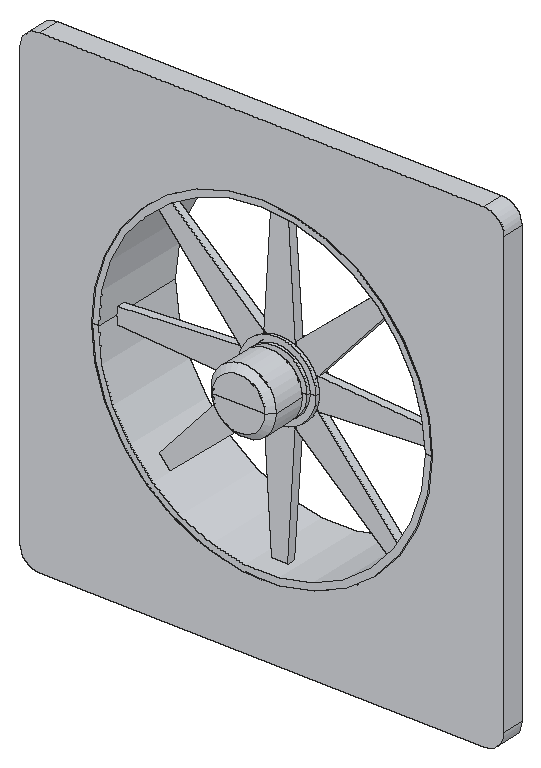
Revit family "CADS_Vent-Axia_MechEquip_Fan_VSP_SabreSicklePlate_1Ph4P - EXTRACT", category Mechanical Equipment, Revit 2020
Family settings
  Round Connector Dimension = Use Diameter
  Part Type = Normal
  OmniClass Number = 23.75.00.00
  OmniClass Title = Climate Control (HVAC)
  Work Plane-Based = No
  Always vertical = Yes
  Cut with Voids When Loaded = No
  Shared = No
  Room Calculation Point = No
Parameters (values of type "VSP25014A")
  WorkingPressure = 0.0 Pa
  WarrantyStartDate [instance] = "1900-12-31T23:59:59"
  WarrantyPeriod = ""
  WarrantyIdentifier = "N/A"
  WarrantyGuarantorParts = "tech@vent-axia.com"
  WarrantyGuarantorLabor = "tech@vent-axia.com"
  WarrantyGuarantor = "Vent-Axia Limited"
  WarrantyEndDate [instance] = "1900-12-31T23:59:59"
  WarrantyContent = ""
  TemperatureRange = ""
  TagNumber [instance] = "N/A"
  SustainabilityPerformance = ""
  Status = "New"
  Size = ""
  Shape = ""
  ServiceLifeType = ""
  ServiceLifeDuration = ""
  SerialNumber [instance] = "N/A"
  ReplacementCost = ""
  RatedVoltage = 0 V
  RatedCurrent = 0 A
  Quantity = 1
  ProductionYear = ""
  PressureCurve = ""
  PowerFactor = ""
  PointOfContact = ""
  NumberOfPoles = 0
  NominalWidth = 370 mm
  NominalLength = 73.4 mm
  NominalHeight = 250 mm
  NominalFrequencyRange = ""
  NominalDiameter = 250 mm
  ModelReference = "OWLET SICKLE PLATE FAN 250 DIA 1PH 4 POLE"
  ModelNumber = "VSP25014A"
  Material = ""
  ManufacturerE-Mail = "tech@vent-axia.com"
  ManufacturerAddress = "Fleming Way\nCrawley \nRH10 9YX"
  IsExtendedWarranty = no
  InsulationStandardClass = ""
  InstallationDate [instance] = "1900-12-31T23:59:59"
  IfcExportType [instance] = ""
  IfcExportAs = "IfcFanType"
  IP_Code = ""
  HasProtectiveEarth = no
  GrossWeight = 0.00 kg
  Grade = ""
  GlobalTradeItemNumber [instance] = "N/A"
  G = 17 mm
  Fitting Type = "Ignore"
  Finish = ""
  Features = ""
  ExteriorInsulation = no
  ExpectedServiceLife = 0
  Exclusions = ""
  E = 34 mm
  DurationUnit = "Year"
  Default Elevation = 0 mm
  Constituents = ""
  ConductorFunction = ""
  Color = ""
  CodePerformance = ""
  Category = ""
  CADS_Usage = 0
  CADS_Index = 0
  AssetType = "FIXED"
  AssetIdentifier [instance] = "N/A"
  AssemblyPlace = "UNKNOWN"
  ArticleNumber [instance] = "N/A"
  AirflowRateRange = 0.0 L/s
  Air Flow [instance] = 0.0 L/s
  AccessibilityPerformance = ""
  A = NominalWidth  # 370 mm
Types (8, lengths in mm): name | NominalWidth | NominalLength | NominalHeight | NominalDiameter | ModelReference | ModelNumber | A
  VSP25014A | 370 | 73.4 | 250 | 250 | "OWLET SICKLE PLATE FAN 250 DIA 1PH 4 POLE" | "VSP25014A" | 370
  VSP31514B | 430 | 83.9 | 315 | 315 | "315MM 1PH 4P SICKLE FAN FN031-4EQ.WD.A7 (169504)" | "VSP31514B" | 430
  VSP35514B | 485 | 82.9 | 355 | 355 | "355MM 1PH 4P SICKLE FAN FN035-4EQ.WD.A7 (169505)" | "VSP35514B" | 485
  VSP40014A | 549 | 91.5 | 400 | 400 | "OWLET SICKLE PLATE FAN 400DIA 1PH 4 POLE" | "VSP40014A" | 549
  VSP45014B | 575 | 143.5 | 450 | 450 | "450MM 1PH 4P SICKLE FAN FN045-4EQ.4I.A7P1 169508" | "VSP45014B" | 575
  VSP50014B | 655 | 141.5 | 500 | 500 | "500MM 1PH 4P SICKLE FAN FN050-4EQ.4I.A7P1 169510" | "VSP50014B" | 655
  VSP56014B | 725 | 167.5 | 560 | 560 | "560MM 1PH 4P SICKLE FAN FN056-4EQ.6K.A7P3 169513" | "VSP56014B" | 725
  VSP63014B | 725 | 159.5 | 630 | 630 | "630MM 1PH 4P SICKLE FAN FN063-4EQ.6N.A7P6 169517" | "VSP63014B" | 725
Reference planes
  plane 1 "Center (Front/Back)": y = 0
  plane 2: z = 0
  plane 3 "Center (Left/Right)": x = 0
  plane 4: x = -125
  plane 5: x = 125
  plane 6 "F": y = -17
  plane 7 "B": y = 56.4
  plane 8: x = -185
  plane 9: x = -130
  plane 10 "top": z = 125
  plane 11: z = -125
  plane 12: x = 185
  plane 13: z = 185
  plane 14: z = -185
Forms (mm)
  Revolve 1, solid
    sketch origin (0, 0, 0) x (1, 0, 0) y (0, 1, 0)
      loop
        line (-130, -17) -> (-125, -17) -> (-125, 56.4) -> (-130, 56.4) -> (-130, -17)
      axis (0, 56.4) -> (0, -17)
    angle from 0 to 360
  Extrusion 2, solid
    sketch origin (0, 0, 0) x (1, 0, 0) y (0, 0, 1)
      loop
        arc (-170, 185) -> (-180.607, 180.607) -> (-185, 170) r 15
        line (-185, 170) -> (-185, -170)
        arc (-185, -170) -> (-180.607, -180.607) -> (-170, -185) r 15
        line (-170, -185) -> (170, -185)
        arc (170, -185) -> (180.607, -180.607) -> (185, -170) r 15
        line (185, -170) -> (185, 170)
        arc (185, 170) -> (180.607, 180.607) -> (170, 185) r 15
        line (170, 185) -> (-170, 185)
      loop
        circle (0, 0) r 130
    from 0 to 17 <- "G"
Dimensions and locks
  equal spacing: plane 4, plane 3 "Center (Left/Right)", plane 5
  "NominalLength": plane 7 "B" to plane 6 "F"
  "NominalDiameter": plane 4 to plane 5
  locked: plane 9 to plane 4 at 5
  equal spacing: plane 10 "top", level, plane 11
  "NominalDiameter": plane 10 "top" to plane 11
  equal spacing: plane 12, plane 3 "Center (Left/Right)", plane 8
  "A": plane 12 to plane 8
  equal spacing: plane 13, level, plane 14
  "A": plane 13 to plane 14
  "G": plane 6 "F" to plane 1 "Center (Front/Back)"
  aligned and locked: level to plane 2
  aligned and locked: Extrusion 2 sketch curve to Revolve 1  (x2)
Automatic sketch dimensions
  plane 6 "F" to Revolve 1 sketch curve = 0 mm
  Revolve 1 sketch curve to plane 4 = 0 mm
  Revolve 1 sketch curve to plane 3 "Center (Left/Right)" = 0 mm
  plane 1 "Center (Front/Back)" to Revolve 1 sketch curve = 0 mm
  Revolve 1 sketch curve to plane 7 "B" = 0 mm
  plane 6 "F" to Revolve 1 sketch curve = 115 mm
  Revolve 1 sketch curve to plane 9 = 0 mm
  Extrusion 2 sketch curve to plane 8 = 0 mm
  Extrusion 2 sketch curve to plane 13 = 0 mm
  Extrusion 2 sketch curve to plane 14 = 0 mm
  plane 12 to Extrusion 2 sketch curve = 0 mm
  plane 8 to Extrusion 2 sketch curve = 15 mm  (x2)
  plane 12 to Extrusion 2 sketch curve = 15 mm  (x2)
Nested families
  nested 1: "Fan for ESP" at (0, 0, 0), ND <- "NominalDiameter", BE <- "E", type "Fan for ESP"
    with hub 25 mm, ND 250 mm, BoltPCD 20 mm, Bolt Count 6, B_Diam 5 mm, BE 34 mm
  nested 2: "ESC Blade" at (0, 0, 0), type "ESC Blade"
    with a 20.00°, HR 25 mm, HD 50 mm, BT 12.5 mm, BR 100 mm, BH 40 mm, BD 250 mm, BB 25 mm
  nested 3: "ESC Blade" at (0, 0, 0) x (0.7071, 0, -0.7071) z (0.7071, 0, 0.7071), type "ESC Blade"
    with a 20.00°, HR 25 mm, HD 50 mm, BT 12.5 mm, BR 100 mm, BH 40 mm, BD 250 mm, BB 25 mm
  nested 4: "ESC Blade" at (0, 0, 0) x (0, 0, -1) z (1, 0, 0), type "ESC Blade"
    with a 20.00°, HR 25 mm, HD 50 mm, BT 12.5 mm, BR 100 mm, BH 40 mm, BD 250 mm, BB 25 mm
  nested 5: "ESC Blade" at (0, 0, 0) x (-0.7071, 0, -0.7071) z (0.7071, 0, -0.7071), type "ESC Blade"
    with a 20.00°, HR 25 mm, HD 50 mm, BT 12.5 mm, BR 100 mm, BH 40 mm, BD 250 mm, BB 25 mm
  nested 6: "ESC Blade" at (0, 0, 0) x (-1, 0, 0) z (0, 0, -1), type "ESC Blade"
    with a 20.00°, HR 25 mm, HD 50 mm, BT 12.5 mm, BR 100 mm, BH 40 mm, BD 250 mm, BB 25 mm
  nested 7: "ESC Blade" at (0, 0, 0) x (-0.7071, 0, -0.7071) z (-0.7071, 0, 0.7071), type "ESC Blade"
    with a 20.00°, HR 25 mm, HD 50 mm, BT 12.5 mm, BR 100 mm, BH 40 mm, BD 250 mm, BB 25 mm
  nested 8: "ESC Blade" at (0, 0, 0) x (0, 0, -1) z (-1, 0, 0), type "ESC Blade"
    with a 20.00°, HR 25 mm, HD 50 mm, BT 12.5 mm, BR 100 mm, BH 40 mm, BD 250 mm, BB 25 mm
  nested 9: "ESC Blade" at (0, 0, 0) x (0.7071, 0, -0.7071) z (-0.7071, 0, -0.7071), type "ESC Blade"
    with a 20.00°, HR 25 mm, HD 50 mm, BT 12.5 mm, BR 100 mm, BH 40 mm, BD 250 mm, BB 25 mm
Connectors
  hvac at (0, -17, 0), driven by "NominalDiameter", driven by "Air Flow"
    settings: on Revolve 1, index 1, duct flow 0.0 L/s, flow factor 0, pres drop 0.0 Pa, loss coef 0, conn angle 0.00°, conn width 304.8 mm, conn height 304.8 mm, conn diameter 250 mm, duct sys type 2, conn prof type 0, flow config 0, flow direction 1, loss method 0, conn ref index -1, conn util no, is conn primary yes, conn desc ""
  hvac at (0, 56.4, 0), driven by "NominalDiameter", driven by "Air Flow"
    settings: on Revolve 1, index 2, duct flow 0.0 L/s, flow factor 0, pres drop 0.0 Pa, loss coef 0, conn angle 0.00°, conn width 304.8 mm, conn height 304.8 mm, conn diameter 250 mm, duct sys type 3, conn prof type 0, flow config 1, flow direction 2, loss method 0, conn ref index -1, conn util no, is conn primary no, conn desc ""
Definition of nested family "Fan for ESP"
  Parameters (values of type "Fan for ESP")
    hub [instance] = ND / 10  # 25.1 mm
    ND [instance] = 251 mm
    Model = "."
    Default Elevation = 0 mm
    BoltPCD [instance] = hub - (hub * 0.2)  # 20.08 mm
    Bolt Count [instance] = if(hub < 50 mm, 6, 8)  # 6
    B_Diam [instance] = if(hub < 50 mm, 5 mm, 10 mm)  # 5 mm
    BE [instance] = 84 mm
  Reference planes
    plane 1 "Center (Front/Back)": y = 0
    plane 2: z = 0
    plane 3 "Center (Left/Right)": x = 0
    plane 4 "back": y = 20
    plane 5 "boss": y = -89
    plane 6 "B": z = 25.1
    plane 7: x = -30.1
    plane 8: x = -25.1
    plane 9 "hubface": y = -5
    plane 10: x = -20.1
    plane 11: y = -84
  Forms (mm)
    Revolve 1, solid
      sketch origin (0, 0, 0) x (1, 0, 0) y (0, 1, 0)
        loop
          line (0, -5) -> (0, 10.504) -> (-30.1, 10.504) -> (-30.1, -2.597) -> (-25.1, -2.597) -> (-25.1, -5) -> (0, -5)
        axis (0, 10.504) -> (0, -5)
      angle from 0 to 360
    Extrusion 2, solid, not visible
      sketch origin (0, -6.347, -4) x (-1, 0, 0) y (0, 0, 1)
        loop
          circle (0, 84) r 5
      from 0 to 3
    Revolve 3, solid
      sketch origin (0, 0, 0) x (1, 0, 0) y (0, 1, 0)
        loop
          line (-20.1, -5) -> (-25.1, -10) -> (-25.1, -84) -> (-20.1, -89) -> (0, -89) -> (0, -5) -> (-20.1, -5)
        axis (0, -5) -> (0, -89)
      angle from 0 to 360
  Lines and regions (mm)
    symbolic lines
      curve 1: circle (0, -89, 0) r 20.08 normal (0, 1, 0)
    model lines, not visible
      curve 2: line (0, -6.347, 85) -> (0, -6.347, 75)
  Dimensions and locks
    "hub": plane 6 "B" to plane 2
    "hub": nested 3 to plane 3 "Center (Left/Right)"
    "hub": nested 4 to plane 3 "Center (Left/Right)"
    "hub": nested 5 to plane 3 "Center (Left/Right)"
    "hub": plane 3 "Center (Left/Right)" to nested 6
    "hub": plane 3 "Center (Left/Right)" to nested 7
    "hub": plane 3 "Center (Left/Right)" to nested 8
    "hub": plane 3 "Center (Left/Right)" to nested 9
    "hub": plane 8 to plane 3 "Center (Left/Right)"
    plane 7 to plane 8 = 5 mm
    "BE": plane 5 "boss" to plane 9 "hubface"
    locked: plane 11 to plane 5 "boss" at 5
    plane 8 to plane 10 = 5 mm
    locked: plane 9 "hubface" to plane 1 "Center (Front/Back)" at 5
    diameter of Extrusion 2 sketch curve = 10 mm
    "BoltPCD": radius of curve 1
    aligned and locked: level to plane 2
    aligned and locked: plane 6 "B" to nested 1
  Automatic sketch dimensions
    Revolve 1 sketch curve to plane 7 = 0 mm
    Revolve 1 sketch curve to plane 8 = 0 mm
    Revolve 1 sketch curve to plane 3 "Center (Left/Right)" = 0 mm  (x2)
    Revolve 1 sketch curve to plane 9 "hubface" = 0 mm
    plane 1 "Center (Front/Back)" to Revolve 1 sketch curve = 2.597 mm
    plane 4 "back" to Revolve 1 sketch curve = 5 mm
    plane 4 "back" to Revolve 1 sketch curve = 9.496 mm
    Revolve 1 sketch curve to Revolve 1 sketch curve = 54.496 mm
    Revolve 3 sketch curve to plane 8 = 0 mm
    Revolve 3 sketch curve to plane 5 "boss" = 0 mm
    Revolve 3 sketch curve to plane 10 = 0 mm  (x2)
    Revolve 3 sketch curve to plane 9 "hubface" = 0 mm
    Revolve 3 sketch curve to plane 3 "Center (Left/Right)" = 0 mm  (x2)
    Revolve 3 sketch curve to plane 11 = 0 mm
    Revolve 3 sketch curve to plane 9 "hubface" = 5 mm
    plane 4 "back" to Revolve 3 sketch curve = 4.08 mm
    Revolve 3 sketch curve to plane 4 "back" = 3.828 mm
    curve 1 to level = 0 mm
    curve 1 to plane 3 "Center (Left/Right)" = 0 mm
  Nested families
    nested 1: "ESC Blade" at (0, 0, 0), BD <- "ND", HD <- "hub", type "ESC Blade"
      with a 20.00°, HR 25.1 mm, HD 50.2 mm, BT 12.55 mm, BR 100.4 mm, BH 40 mm, BD 251 mm, BB 25.1 mm
    nested 2: "ESC Blade" at (0, 0, 755), BD <- "ND", HD <- "hub", type "ESC Blade", not visible
      with a 20.00°, HR 25.1 mm, HD 50.2 mm, BT 12.55 mm, BR 100.4 mm, BH 40 mm, BD 251 mm, BB 25.1 mm
    nested 3: "ESC Blade" at (0, 0, 0) x (0.7071, 0, -0.7071) z (0.7071, 0, 0.7071), BD <- "ND", HD <- "hub", type "ESC Blade"
      with a 20.00°, HR 25.1 mm, HD 50.2 mm, BT 12.55 mm, BR 100.4 mm, BH 40 mm, BD 251 mm, BB 25.1 mm
    nested 4: "ESC Blade" at (0, 0, 0) x (0, 0, -1) z (1, 0, 0), BD <- "ND", HD <- "hub", type "ESC Blade"
      with a 20.00°, HR 25.1 mm, HD 50.2 mm, BT 12.55 mm, BR 100.4 mm, BH 40 mm, BD 251 mm, BB 25.1 mm
    nested 5: "ESC Blade" at (0, 0, 0) x (-0.7071, 0, -0.7071) z (0.7071, 0, -0.7071), BD <- "ND", HD <- "hub", type "ESC Blade"
      with a 20.00°, HR 25.1 mm, HD 50.2 mm, BT 12.55 mm, BR 100.4 mm, BH 40 mm, BD 251 mm, BB 25.1 mm
    nested 6: "ESC Blade" at (0, 0, 0) x (-1, 0, 0) z (0, 0, -1), BD <- "ND", HD <- "hub", type "ESC Blade"
      with a 20.00°, HR 25.1 mm, HD 50.2 mm, BT 12.55 mm, BR 100.4 mm, BH 40 mm, BD 251 mm, BB 25.1 mm
    nested 7: "ESC Blade" at (0, 0, 0) x (-0.7071, 0, -0.7071) z (-0.7071, 0, 0.7071), BD <- "ND", HD <- "hub", type "ESC Blade"
      with a 20.00°, HR 25.1 mm, HD 50.2 mm, BT 12.55 mm, BR 100.4 mm, BH 40 mm, BD 251 mm, BB 25.1 mm
    nested 8: "ESC Blade" at (0, 0, 0) x (0, 0, -1) z (-1, 0, 0), BD <- "ND", HD <- "hub", type "ESC Blade"
      with a 20.00°, HR 25.1 mm, HD 50.2 mm, BT 12.55 mm, BR 100.4 mm, BH 40 mm, BD 251 mm, BB 25.1 mm
    nested 9: "ESC Blade" at (0, 0, 0) x (0.7071, 0, -0.7071) z (-0.7071, 0, -0.7071), BD <- "ND", HD <- "hub", type "ESC Blade"
      with a 20.00°, HR 25.1 mm, HD 50.2 mm, BT 12.55 mm, BR 100.4 mm, BH 40 mm, BD 251 mm, BB 25.1 mm
  Definition of nested family "ESC Blade"
    Parameters (values of type "ESC Blade")
      a [instance] = 20.00°
      HR [instance] = HD / 2  # 30 mm
      HD [instance] = BD / 5  # 60 mm
      Default Elevation = 1219.2 mm
      BT [instance] = BD / 20  # 15 mm
      BR [instance] = (BD / 2) - HR  # 120 mm
      BH [instance] = 40 mm
      BD [instance] = 300 mm
      BB [instance] = BD / 10  # 30 mm
    Reference planes
      plane 1 "Center (Front/Back)": y = 0
      plane 2: z = 0
      plane 3 "Center (Left/Right)": x = 0
      plane 4 "Blade Bot": z = 30
      plane 5: x = -15
      plane 6: x = 15
      plane 7: x = -7.5
      plane 8: x = 7.5
    Forms (mm)
      Blend 1, solid
        base sketch origin (0, 0, 30) x (-1, 0, 0) y (0, -1, 0)
          loop
            line (15, 0) -> (-15, 0) -> (-15, -6) -> (15, -6) -> (15, 0)
        top sketch origin (0, 0, 30) x (-1, 0, 0) y (0, -1, 0)
          loop
            line (7.5, -6) -> (7.5, 0) -> (-7.5, 0) -> (-7.5, -6) -> (7.5, -6)
        from 0 to 120 <- "BR"
    Dimensions and locks
      "HR": plane 4 "Blade Bot" to level
      equal spacing: plane 8, plane 3 "Center (Left/Right)", plane 7
      "BT": plane 8 to plane 7
      equal spacing: plane 6, plane 3 "Center (Left/Right)", plane 5
      "BB": plane 6 to plane 5
      aligned and locked: level to plane 2
    Automatic sketch dimensions
      plane 1 "Center (Front/Back)" to Blend 1 sketch curve = 0 mm  (x2)
      Blend 1 sketch curve to plane 6 = 0 mm
      Blend 1 sketch curve to plane 5 = 0 mm
      Blend 1 sketch curve to plane 1 "Center (Front/Back)" = 6 mm  (x2)
      Blend 1 sketch curve to plane 8 = 0 mm
      Blend 1 sketch curve to plane 7 = 0 mm
Definition of nested family "ESC Blade"
  Parameters (values of type "ESC Blade")
    a [instance] = 20.00°
    HR [instance] = HD / 2  # 30 mm
    HD [instance] = BD / 5  # 60 mm
    Default Elevation = 1219.2 mm
    BT [instance] = BD / 20  # 15 mm
    BR [instance] = (BD / 2) - HR  # 120 mm
    BH [instance] = 40 mm
    BD [instance] = 300 mm
    BB [instance] = BD / 10  # 30 mm
  Reference planes
    plane 1 "Center (Front/Back)": y = 0
    plane 2: z = 0
    plane 3 "Center (Left/Right)": x = 0
    plane 4 "Blade Bot": z = 30
    plane 5: x = -15
    plane 6: x = 15
    plane 7: x = -7.5
    plane 8: x = 7.5
  Forms (mm)
    Blend 1, solid
      base sketch origin (0, 0, 30) x (-1, 0, 0) y (0, -1, 0)
        loop
          line (15, 0) -> (-15, 0) -> (-15, -6) -> (15, -6) -> (15, 0)
      top sketch origin (0, 0, 30) x (-1, 0, 0) y (0, -1, 0)
        loop
          line (7.5, -6) -> (7.5, 0) -> (-7.5, 0) -> (-7.5, -6) -> (7.5, -6)
      from 0 to 120 <- "BR"
  Dimensions and locks
    "HR": plane 4 "Blade Bot" to level
    equal spacing: plane 8, plane 3 "Center (Left/Right)", plane 7
    "BT": plane 8 to plane 7
    equal spacing: plane 6, plane 3 "Center (Left/Right)", plane 5
    "BB": plane 6 to plane 5
    aligned and locked: level to plane 2
  Automatic sketch dimensions
    plane 1 "Center (Front/Back)" to Blend 1 sketch curve = 0 mm  (x2)
    Blend 1 sketch curve to plane 6 = 0 mm
    Blend 1 sketch curve to plane 5 = 0 mm
    Blend 1 sketch curve to plane 1 "Center (Front/Back)" = 6 mm  (x2)
    Blend 1 sketch curve to plane 8 = 0 mm
    Blend 1 sketch curve to plane 7 = 0 mm
